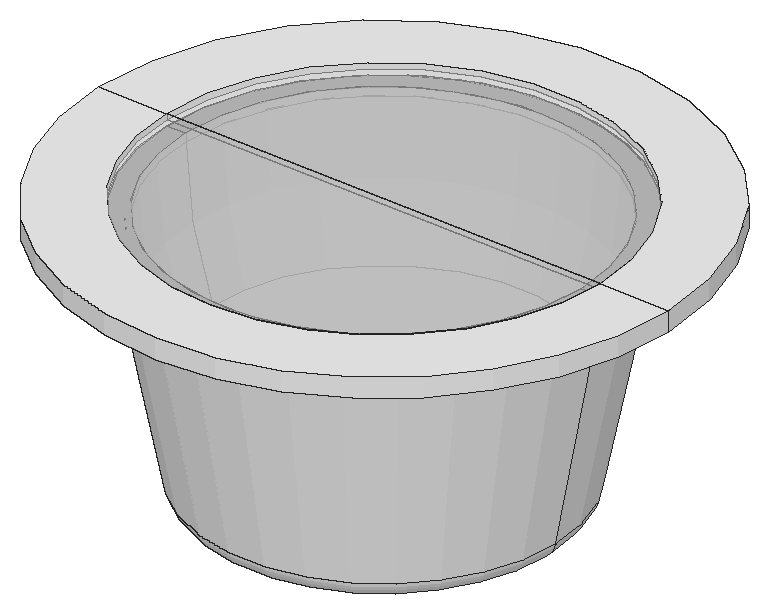
Revit family "2060556+2028036 Sylvania Lighting Fixture ASCENT 100 II ARCH 1900 4K STD EMG 160 with IP44 Frost Glass", category Lighting Fixtures, host Face, Revit 2016
Family settings
  Host = Face
  Part Type = Normal
  Round Connector Dimension = Use Diameter
  OmniClass Number = 23.80.70.11.17
  OmniClass Title = Specialized Lighting by Location or Use
  Cut with Voids When Loaded = No
  Light Source = Yes
  Shared = No
  Room Calculation Point = No
Parameters (values of type "2060556+2028036 ASCT100 II ARCH 1900 4K STD EMG 160 with IP44 Frost Glass Emergency mode")
  WidthBezelAcc_SYL = 25.0 mm
  Weight = "1.92 kg"
  Wattage = 1.88119 W
  WarrantyStartDate [instance] = "n/a"
  WarrantyGuarantorParts = "n/a"
  WarrantyDurationUnit = "n/a"
  WarrantyDurationParts = "n/a"
  WarrantyDescription = "n/a"
  built-in parameter 1150110 = 1 (stored number, unit not read)
  Voltage = 0 V
  VisibilityAccessory_SYL = yes
  TypeName = "ASCT100 II ARCH 1900 4K STD EMG 160 with IP44 Frost Glass Emergency mode"
  built-in parameter 1114217 = 1 (stored number, unit not read)
  Tilt Angle = -90°
  built-in parameter 1150109 = 1 (stored number, unit not read)
  built-in parameter 1150134 = 12
  built-in parameter 1150113 = 1 (stored number, unit not read)
  SerialNumber [instance] = "n/a"
  ReflectorRadius_SYL = Radius_SYL - 14.5 mm  # 80.0 mm
  RadiusAcc_SYL = 105.0 mm
  Radius_SYL = 94.5 mm
  URL = "http://www.sylvania-lighting.com"
  PowerFactor = 0
  PowerConsumption = "19 W"
  Photometric Web File = "2060556EM.ies"
  NominalWidth = 0.0 mm
  NominalLength = 0.0 mm
  NominalHeight = 94.0 mm
  Name = "ASCT100 II ARCH 1900 4K STD EMG 160 with IP44 Frost Glass Emergency mode"
  ModelReference = "ASCT100 II ARCH 1900 4K STD EMG 160 with IP44 Frost Glass Emergency mode"
  ModelNumber = "2060556+2028036"
  Material_4_SYL = none
  Material_3_SYL = Polycarbonate_Sylvania_Ascent_Clear
  Material_2_SYL = Aluminium_Sylvania_Ascent_Silver
  Material_1_SYL = Aluminum_Sylvania_Ascent_White
  Material = "aluminium housing, arcylic diffuser"
  ManufacturerName = "Feilo Sylvania"
  LuminousEfficacy = "101 lm/W"
  built-in parameter 1150105 = 15.12 (stored number, unit not read)
  Lumens = 190 lm
  LuminaireType = ""
  built-in parameter 1150115 = 1 (stored number, unit not read)
  LightOutputRatio = "100"
  built-in parameter 1150137 = (empty or 0)
  built-in parameter 1150139 = (empty or 0)
  LampsType = Lamp  # "LED"
  LampNominalLuminous = "1921 lm"
  LampMacAdamStep = "3"
  LampColourTemperature = "4000 K"
  LampColourRenderingIndex = "80"
  built-in parameter 1150112 = 1 (stored number, unit not read)
  built-in parameter 1150114 = 1 (stored number, unit not read)
  Keynote = "16500"
  InstallationDate [instance] = "n/a"
  InputVoltage = "n/a"
  InputNominalFrequency = "n/a"
  built-in parameter 1150132 = (empty or 0)
  built-in parameter 1150102 = (empty or 0)
  built-in parameter 1150107 = 4000 (stored number, unit not read)
  built-in parameter 1150138 = (empty or 0)
  IngressProtection = "IP44"
  ImpactProtectionIndex = "IK02"
  built-in parameter 1150106 = 0.1512 (stored number, unit not read)
  IfcExportType = "IfcLightFixtureType"
  IfcExportAs = "IfcLightFixtureType"
  Height_SYL = 94.0 mm
  HeightAcc_SYL = 7.0 mm
  ExpectedLife = 50000
  EmittionSurface_SYL = if(VisibilityAccessory_SYL, 7.0 mm, 3.0 mm)  # 7.0 mm
  Emit from Circle Diameter = DiffuserRadius_SYL * 2  # 146.0 mm
  Emit Shape Visible in Rendering = no
  ElectricShockClassification = "Class II"
  built-in parameter 1150104 = 9.3832 (stored number, unit not read)
  DurationUnit = "hours"
  DocumentationLiterature = "http://www.sylvania-lighting.com/product/en-int/products/2060556"
  DimmingControlOptions = "n/a"
  Dimming Lamp Color Temperature Shift = <None>
  DiffuserRadius_SYL = ReflectorRadius_SYL - 7.0 mm  # 73.0 mm
  Diameter_SYL = 2 * Radius_SYL  # 189.0 mm
  CutoutDiameter_SYL = Diameter_SYL - 13.0 mm  # 176.0 mm
  CreatedOn = "9/17/2018"
  CreatedBy = "@sylvania-lighting.com"
  Color Filter = 16777215
  built-in parameter 1114216 [instance] = 1 (stored number, unit not read)
  Model = "ASCT100 II ARCH 1900 4K STD EMG 160 with IP44 Frost Glass Emergency mode"
  Manufacturer = "Feilo Sylvania"
  Lamp = "LED"
  Description = "Direct LED retro fit for original LED 100 Arch (160) single CFL lamp offering Matching lumen levels and improved light distribution of original LED 100 CFL lamp equivalents Typically half the power consumption compared to CFL Up to 112lm/W 160mm aperture Architectural reflector accepts range of glass accessories from existing LED 100 Arch 160 offering HE, HO and VHO versions equivalent of single 1 x 18W, 1 x 32W, 1 x 42W\r\n Additional VVHO versions which offer the performance circa 2 x 32W equivalent"  # constant formula
  Default Elevation = 0.0 mm
  built-in parameter 1140040 [instance] = 1
  BarCode [instance] = "n/a"
  built-in parameter 1114218 = 1 (stored number, unit not read)
  built-in parameter 1150133 = 10 (stored number, unit not read)
  AssetType = "Fixed"
  AssetIdentifier [instance] = "n/a"
  Assembly Code = "D5020200"
  Apparent Load = 1.88119 VA
  Aperture_SYL = 2 * ReflectorRadius_SYL  # 160.0 mm
Types (2, lengths in mm): name | Wattage | TypeName | Photometric Web File | Name | ModelReference | Material_3_SYL | built-in parameter 1150105 | Lumens | built-in parameter 1150106 | Model | Apparent Load
  2060556+2028036 ASCT100 II ARCH 1900 4K STD EMG 160 with IP44 Frost Glass Emergency mode | 1.88119 W | "ASCT100 II ARCH 1900 4K STD EMG 160 with IP44 Frost Glass Emergency mode" | "2060556EM.ies" | "ASCT100 II ARCH 1900 4K STD EMG 160 with IP44 Frost Glass Emergency mode" | "ASCT100 II ARCH 1900 4K STD EMG 160 with IP44 Frost Glass Emergency mode" | Polycarbonate_Sylvania_Ascent_Clear | 15.12 (stored number, unit not read) | 190 lm | 0.1512 (stored number, unit not read) | "ASCT100 II ARCH 1900 4K STD EMG 160 with IP44 Frost Glass Emergency mode" | 1.88119 VA
  2060556+2028036 ASCT100 II ARCH 1900 4K STD EMG 160 with IP44 Frost Glass | 19 W | "ASCENT 100 II ARCH 1900 4K STD EMG 160 with IP44 Frost Glass" | "2060556.ies" | "ASCENT 100 II ARCH 1900 4K STD EMG 160 with IP44 Frost Glass" | "ASCENT 100 II ARCH 1900 4K STD EMG 160 with IP44 Frost Glass" | Polycarbonate_Sylvania_Ascent_Opal | 152.71 (stored number, unit not read) | 1919 lm | 1.5271 (stored number, unit not read) | "ASCENT 100 II ARCH 1900 4K STD EMG 160 with IP44 Frost Glass" | 19 VA
Reference planes
  plane 1 "Center (Front/Back)": y = 0
  plane 2: z = 0
  plane 3 "Center (Left/Right)": x = 0
  plane 4 "Fixture Bottom": z = 3
  plane 5: z = -52.5
  plane 6 "Fixture Top": z = -91
  plane 7: x = -105
  plane 8: z = 7
  plane 9: x = -80
  plane 10: z = 5
  plane 11: x = -103
Forms (mm)
  Extrusion 1, solid, material "Aluminum_Sylvania_Ascent_White", detail levels fine
    sketch origin (0, 0, 0) x (1, 0, 0) y (0, 1, 0)
      loop
        circle (0, 0) r 94.5
      loop
        circle (0, 0) r 80
    from 0 to 3
  Extrusion 2, void
    sketch origin (0, 0, 0) x (1, 0, 0) y (0, 1, 0)
      loop
        circle (0, 0) r 88
    from -91 to 3
  Revolve 3, solid, material "Aluminum_Sylvania_Ascent_White" <- "Material_1_SYL", detail levels fine
    sketch origin (0, 0, 0) x (1, 0, 0) y (0, 0, 1)
      loop
        line (0, -91.073) -> (0, -89.023) -> (-55.468, -89.014)
        arc (-55.468, -89.014) -> (-59.352, -87.613) -> (-61.54, -84.139) r 6.307
        line (-61.54, -84.139) -> (-77.991, -2.844) -> (-77.991, 0) -> (-80, 0) -> (-80, -3) -> (-63.5, -84.536)
        arc (-63.5, -84.536) -> (-60.643, -89.203) -> (-55.5, -91.073) r 8.291
        line (-55.5, -91.073) -> (0, -91.073)
      axis (0, 0) -> (0, -91.073)
    angle from 0 to 360
  Revolve 4, solid, material "Aluminium_Sylvania_Ascent_Silver" <- "Material_2_SYL", detail levels fine
    sketch origin (0, 0, 0) x (1, 0, 0) y (0, 0, 1)
      loop
        line (-80, 3) -> (-80, 0) -> (-75, 0)
        arc (-75, 0) -> (-72.349, -26.77) -> (-64.5, -52.5) r 136.5
        line (-64.5, -52.5) -> (-58, -52.5)
        arc (-58, -52.5) -> (-56.857, -61.521) -> (-53.5, -69.971) r 36.166
        line (-53.5, -69.971) -> (0, -69.971) -> (0, -50.5) -> (-63.16, -50.5)
        arc (-63.16, -50.5) -> (-70.517, -25.725) -> (-73, 0) r 134.5
        line (-73, 0) -> (-73, 3) -> (-80, 3)
      axis (0, 3) -> (0, -69.971)
    angle from 0 to 360
  Extrusion 5, solid, material "Polycarbonate_Sylvania_Ascent_Clear" <- "Material_3_SYL", detail levels fine
    sketch origin (0, 0, 0) x (1, 0, 0) y (0, 1, 0)
      loop
        circle (0, 0) r 73
    from 0 to 3
  Revolve 6, solid, material "Aluminum_Sylvania_Ascent_White" <- "Material_1_SYL", detail levels coarse+medium
    sketch origin (0, 0, 0) x (1, 0, 0) y (0, 0, 1)
      loop
        line (0, -91.073) -> (0, 3) -> (-94.5, 3) -> (-94.5, 0) -> (-79.5, 0) -> (-79.5, -3) -> (-63, -84.536)
        arc (-63, -84.536) -> (-60.143, -89.203) -> (-55, -91.073) r 8.291
        line (-55, -91.073) -> (0, -91.073)
      axis (0, 3) -> (0, -91.073)
    angle from 0 to 360
  Revolve 7, solid, material "Aluminum_Sylvania_Ascent_White" <- "Material_1_SYL", visible <- "VisibilityAccessory_SYL"
    sketch origin (0, 0, 0) x (1, 0, 0) y (0, 0, 1)
      loop
        line (-105, 0) -> (-103, 0) -> (-103, 5) -> (-80, 5) -> (-80, 7) -> (-105, 7) -> (-105, 0)
      axis (0, 7) -> (0, 0)
    angle from 0 to 360
  Revolve 8, solid, material "Polycarbonate_Sylvania_Ascent_Clear" <- "Material_3_SYL", visible <- "VisibilityAccessory_SYL"
    sketch origin (0, 0, 0) x (1, 0, 0) y (0, 0, 1)
      loop
        line (-80, 7) -> (-80, 5) -> (0, 5) -> (0, 7) -> (-80, 7)
      axis (0, 7) -> (0, 5)
    angle from 0 to 360
Lines and regions (mm)
  reference lines
    curve 1: line (-150, 0, 7) -> (125, 0, 7)
Dimensions and locks
  locked: plane 4 "Fixture Bottom" to plane 2 at 3
  "Height_SYL": plane 4 "Fixture Bottom" to plane 6 "Fixture Top"
  "ReflectorRadius_SYL": plane 3 "Center (Left/Right)" to Revolve 4 sketch curve
  locked: Revolve 4 sketch curve to Revolve 4 sketch curve at 15.5
  locked: Revolve 4 sketch curve to Revolve 4 sketch curve at 5
  locked: Revolve 4 sketch curve to Revolve 4 sketch curve at 7
  locked: Revolve 4 sketch curve to Revolve 4 sketch curve at 22
  locked: Revolve 4 sketch curve to Revolve 4 sketch curve at 26.5
  locked: Revolve 3 sketch curve to Revolve 3 sketch curve at 16.5
  locked: Revolve 3 sketch curve to Revolve 3 sketch curve at 24.5
  "ReflectorRadius_SYL": Revolve 3 sketch curve to plane 3 "Center (Left/Right)"
  locked: Revolve 3 sketch curve to plane 6 "Fixture Top" at 6.464
  locked: plane 2 to Revolve 3 sketch curve at 3
  locked: Revolve 3 sketch curve to Revolve 3 sketch curve at 2
  locked: Revolve 3 sketch curve to Revolve 3 sketch curve at 2.009
  locked: plane 2 to plane 5 at 52.5
  locked: Revolve 6 sketch curve to Revolve 6 sketch curve at 31.5
  locked: Revolve 6 sketch curve to Revolve 6 sketch curve at 39.5
  locked: Revolve 6 sketch curve to Revolve 6 sketch curve at 15
  "Radius_SYL": plane 3 "Center (Left/Right)" to Revolve 6 sketch curve
  "RadiusAcc_SYL": plane 3 "Center (Left/Right)" to plane 7
  "HeightAcc_SYL": plane 8 to level
  "WidthBezelAcc_SYL": plane 7 to plane 9
  locked: plane 7 to plane 11 at 2
  locked: plane 8 to plane 10 at 2
  "EmittionSurface_SYL": curve 1 to level
  "CutoutDiameter_SYL": diameter of Extrusion 2 sketch curve
  "ReflectorRadius_SYL": radius of Extrusion 1 sketch curve
  "DiffuserRadius_SYL": radius of Extrusion 5 sketch curve
  "Radius_SYL": radius of Extrusion 1 sketch curve
  aligned and locked: host face to plane 2
  aligned and locked: host face to level
  aligned and locked: plane 4 "Fixture Bottom" to Extrusion 1
  aligned and locked: Extrusion 1 to plane 2
  aligned and locked: Revolve 3 sketch curve to plane 3 "Center (Left/Right)"
  aligned and locked: Revolve 4 sketch curve to plane 3 "Center (Left/Right)"  (x2)
  aligned and locked: plane 4 "Fixture Bottom" to Revolve 4 sketch curve
  aligned and locked: Extrusion 5 to plane 2
  aligned and locked: plane 2 to Revolve 3 sketch curve  (x2)
  aligned and locked: Revolve 6 sketch curve to plane 3 "Center (Left/Right)"
  aligned and locked: plane 6 "Fixture Top" to Extrusion 2
  aligned and locked: Revolve 7 sketch curve to plane 3 "Center (Left/Right)"
  aligned and locked: host face to Revolve 7 sketch curve  (x2)
  aligned and locked: Revolve 7 sketch curve to plane 7
  aligned and locked: plane 8 to Revolve 7 sketch curve
  aligned and locked: plane 9 to Revolve 7 sketch curve
  aligned and locked: Revolve 7 sketch curve to plane 10
  aligned and locked: plane 11 to Revolve 7 sketch curve
  aligned and locked: Revolve 7 to Revolve 8 sketch curve
  aligned and locked: Revolve 8 sketch curve to Revolve 7  (x2)
  aligned and locked: Revolve 8 sketch curve to plane 3 "Center (Left/Right)"  (x2)
  aligned and locked: plane 3 "Center (Left/Right)" to imposter light
  aligned and locked: imposter light to plane 1 "Center (Front/Back)"
  aligned and locked: imposter light to curve 1
Automatic sketch dimensions
  plane 1 "Center (Front/Back)" to Extrusion 2 sketch curve = 0.0 mm
  Extrusion 2 sketch curve to plane 3 "Center (Left/Right)" = 0.0 mm
  Extrusion 1 sketch curve to Extrusion 1 sketch curve = 0.0 mm  (x2)
  plane 1 "Center (Front/Back)" to Extrusion 1 sketch curve = 0.0 mm
  Extrusion 1 sketch curve to plane 3 "Center (Left/Right)" = 0.0 mm
  plane 6 "Fixture Top" to Revolve 3 sketch curve = 0.073 mm
  Revolve 3 sketch curve to plane 6 "Fixture Top" = 6.861 mm
  Revolve 3 sketch curve to Revolve 3 sketch curve = 0.003 mm
  Revolve 3 sketch curve to Revolve 3 sketch curve = 0.009 mm  (x2)
  Revolve 3 sketch curve to Revolve 3 sketch curve = 0.023 mm
  Revolve 3 sketch curve to Revolve 3 sketch curve = 0.072 mm
  Revolve 3 sketch curve to Revolve 3 sketch curve = 0.008 mm
  Revolve 3 sketch curve to plane 6 "Fixture Top" = 1.977 mm
  Revolve 3 sketch curve to Revolve 3 sketch curve = 33.496 mm
  Revolve 3 sketch curve to Revolve 3 sketch curve = 0.028 mm
  plane 4 "Fixture Bottom" to Revolve 3 sketch curve = 82.431 mm
  Revolve 4 sketch curve to Revolve 4 sketch curve = 0.0 mm  (x2)
  Revolve 4 sketch curve to plane 5 = 0.0 mm
  Revolve 4 sketch curve to level = 0.0 mm
  plane 5 to Revolve 4 sketch curve = 2.0 mm
  plane 4 "Fixture Bottom" to Revolve 4 sketch curve = 9.642 mm
  plane 1 "Center (Front/Back)" to Extrusion 5 sketch curve = 0.0 mm
  Extrusion 5 sketch curve to plane 3 "Center (Left/Right)" = 0.0 mm
  Revolve 4 sketch curve to level = 69.971 mm
  Revolve 4 sketch curve to Revolve 4 sketch curve = 2.387 mm
  Revolve 6 sketch curve to level = 0.0 mm
  Revolve 6 sketch curve to plane 3 "Center (Left/Right)" = 0.0 mm
  Revolve 6 sketch curve to Revolve 6 sketch curve = 8.104 mm
  Revolve 6 sketch curve to level = 3.0 mm
  Revolve 6 sketch curve to plane 6 "Fixture Top" = 6.464 mm
  plane 6 "Fixture Top" to Revolve 6 sketch curve = 0.073 mm
  Revolve 6 sketch curve to Revolve 6 sketch curve = 33.496 mm
  plane 4 "Fixture Bottom" to Revolve 6 sketch curve = 82.431 mm
  host sketch curve to host sketch curve = 1704.996 mm
  host sketch curve to host sketch curve = 1500.0 mm
  plane 6 "Fixture Top" to Revolve 7 sketch curve = 281.274 mm
  Revolve 7 sketch curve to plane 8 = 1140.706 mm
  plane 6 "Fixture Top" to Revolve 8 sketch curve = 281.274 mm
  Revolve 8 sketch curve to Revolve 8 sketch curve = 1140.706 mm
  Revolve 3 sketch curve to plane 3 "Center (Left/Right)" = 0.0 mm
  Revolve 6 sketch curve to plane 4 "Fixture Bottom" = 0.0 mm
  plane 7 to curve 1 = 45.0 mm
  plane 3 "Center (Left/Right)" to curve 1 = 125.0 mm
Connectors
  electrical at (0, 0, -91.073), driven by "Apparent Load"
    settings: on Revolve 3, index 1, voltage 240 V, apparent load 0 VA, apparent load phase1 1.88119 VA, apparent load phase2 0 VA, apparent load phase3 0 VA, power factor 1, load classification "Lighting", number of poles 1, system type 31, power factor state 1, is connector primary yes, connector utility no, sub classification motor no, connector description ""
